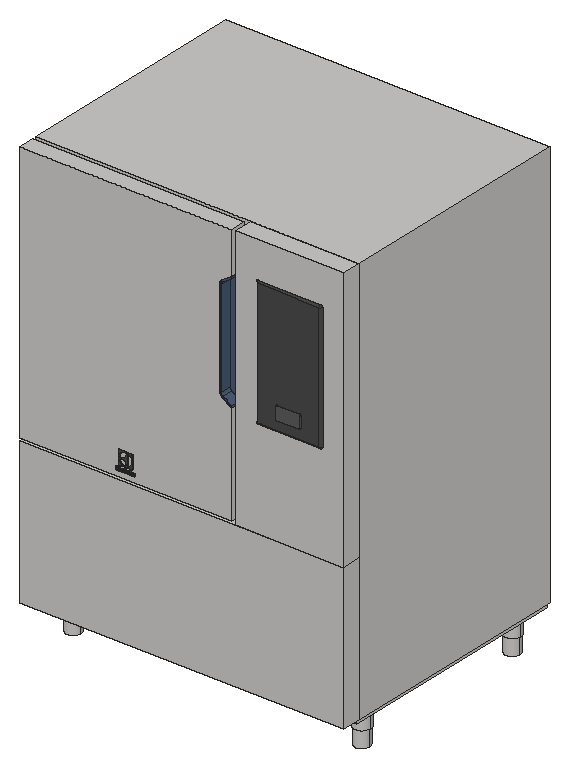
Revit family "QF_ELECTROLUXPROFESSIONAL_727739_EBFA12A", category Specialty Equipment, Revit 2018
Family settings
  Round Connector Dimension = Use Diameter
  Part Type = Normal
  Work Plane-Based = No
  Always vertical = Yes
  Cut with Voids When Loaded = No
  Shared = No
  Room Calculation Point = No
Parameters
  Weight = 0.00 kg
  Watts = 0 W
  Volts = 380 V
  URL Manufacturer = "http://professional.electrolux.com"
  URL = "http://professional.electrolux.com"
  Steam Supply Size = 0 mm
  Steam Supply Minimum Pressure = 0.0 Pa
  Steam Supply Maximum Pressure = 0.0 Pa
  Steam Pounds per Hour = 0
  Show Logo [instance] = yes
  Show Clearance [instance] = yes
  Refrigeration Suction Line Size = 0 mm
  Refrigeration Liquid Line Size = 0 mm
  Refrigerant Compressor Remote = yes
  Manufacturer = "Electrolux"
  Phase = 3
  Model = "EBFA12A"
  Length Actual = 1250 mm  # constant formula
  Item Number = "727739"
  Hot Water Size = 0 mm
  Height Actual = 1730 mm  # constant formula
  HP = "7 HP"
  Gas Size = 0 mm
  Gas KW = 0
  Gas Input Pressure = 0 W
  Direct Waste Size = 139.7 mm
  Description = "BLAST CHILL/FRE 70KG 10GN2/1-60HZ LW-USB"
  Depth Actual = 1092 mm  # constant formula
  Cycle = 60 Hz
  Condensate Return Size = 0 mm
  Compressed Air Volume = 0.0 L/s
  Compressed Air Size = 0 mm
  Compressed Air Pressure = 0.0 Pa
  Cold Water Size = 0 mm
  Accessory = yes
Reference planes
  plane 1 "Center X": y = 205.851
  plane 2: z = 0
  plane 3 "Center Y": x = -311.5
  plane 4 "BACK": y = 703.851
  plane 5 "FRONT": y = -292.149
  plane 6: z = 130
  plane 7 "TOP": z = 1730
  plane 8: y = 608.851
  plane 9: y = 795.851
  plane 10: y = -1071.149
  plane 11 "RIGHT": x = 313.5
  plane 12 "LEFT": x = -936.5
  plane 13: x = -869.5
  plane 14: x = 246.5
  plane 15: y = -118.149
Forms (mm)
  Extrusion 1, solid, material "QF_Finishes_Stainless Steel"
    sketch origin (0, 0, 1730) x (-1, 0, 0) y (0, -1, 0)
      loop
        line (936.5, -703.851) -> (936.5, 216.149) -> (-313.5, 216.149) -> (-313.5, -703.851) -> (936.5, -703.851)
    from 0 to -1580
  Extrusion 2, solid, material "QF_Finishes_Stainless Steel"
    sketch origin (-645.92, -0.954, 258.709) x (0, 1, 0) y (0, 0, 1)
      loop
        line (704.805, 694.306) -> (704.805, 392.314) -> (789.5, 399.789)
        arc (789.5, 399.789) -> (794.702, 402.354) -> (796.805, 407.759) r 8
        line (796.805, 407.759) -> (796.805, 433.233)
        arc (796.805, 433.233) -> (792.783, 442.547) -> (796.805, 451.86) r 12.795
        line (796.805, 451.86) -> (796.805, 483.24)
        arc (796.805, 483.24) -> (792.783, 492.554) -> (796.805, 501.867) r 12.795
        line (796.805, 501.867) -> (796.805, 533.247)
        arc (796.805, 533.247) -> (792.783, 542.56) -> (796.805, 551.874) r 12.795
        line (796.805, 551.874) -> (796.805, 583.254)
        arc (796.805, 583.254) -> (792.783, 592.567) -> (796.805, 601.881) r 12.795
        line (796.805, 601.881) -> (796.805, 634.796)
        arc (796.805, 634.796) -> (795.466, 639.795) -> (791.808, 643.455) r 10
        line (791.808, 643.455) -> (704.805, 694.306)
    from 618.187 to 801.865
  Extrusion 3, solid, material "QF_Finishes_Stainless Steel"
    sketch origin (-261.647, 703.851, 2065) x (1, 0, 0) y (0, 0, -1)
      loop
        circle (482.147, 1472) r 10.5
    from 0 to 29
  Extrusion 4, solid, material "QF_Finishes_Stainless Steel"
    sketch origin (-1206.916, -1524, 130) x (-1, 0, 0) y (0, -1, 0)
      loop
        line (-270.416, -1231.851) -> (-1520.416, -1231.851) -> (-1520.416, -1306.851) -> (-270.416, -1306.851) -> (-270.416, -1231.851)
    from 580 to 20.02
  Extrusion 5, solid, material "QF_Finishes_Stainless Steel"
    sketch origin (-1206.916, -1524, 130) x (-1, 0, 0) y (0, -1, 0)
      loop
        line (-279.416, -2227.851) -> (-279.416, -1309.851) -> (-1511.416, -1309.851) -> (-1511.416, -2227.851) -> (-279.416, -2227.851)
    from 20 to 0
  Extrusion 6, solid, material "QF_Finishes_Stainless Steel"
    sketch origin (-1206.916, -1524, 130) x (0, -1, 0) y (-1, 0, 0)
      loop
        circle (-1739.851, -840.416) r 9.5
    from 0 to 31.68
  Extrusion 7, void
    sketch origin (114.08, 0, 1730) x (-1, 0, 0) y (0, -1, 0)
      loop
        line (132.09, -795.851) -> (141.813, -795.851) -> (141.813, -703.851) -> (140.183, -703.851) -> (132.09, -795.851)
      loop
        line (-40.234, -703.851) -> (-41.865, -703.851) -> (-41.865, -795.851) -> (-32.141, -795.851) -> (-40.234, -703.851)
    from -1080 to -770
  Extrusion 8, solid, material "QF_Finishes_Stainless Steel"
    sketch origin (-623, -292.149, 0) x (1, 0, 0) y (0, 0, -1)
      loop
        line (504.7, -1730) -> (504.7, -1567.97) -> (468.447, -1543.888)
        arc (468.447, -1543.888) -> (462.216, -1537.041) -> (459.96, -1528.062) r 19
        line (459.96, -1528.062) -> (459.96, -1153.149)
        arc (459.96, -1153.149) -> (462.339, -1143.688) -> (468.91, -1136.479) r 20
        line (468.91, -1136.479) -> (504.7, -1112.756) -> (504.7, -719.524) -> (-313.5, -719.524) -> (-313.5, -1730) -> (504.7, -1730)
    from 0 to 60
  Extrusion 9, solid, material "QF_Finishes_Stainless Steel"
    sketch origin (-445.5, 0, 1060.038) x (1, 0, 0) y (0, 1, 0)
      loop
        line (759, -292.149) -> (759, -217.149) -> (342, -217.149) -> (342, -292.149) -> (759, -292.149)
    from 669.962 to -349
  Extrusion 10, solid, material "QF_Door-Drawer Clearances", visible <- "Show Clearance", detail levels coarse
    sketch origin (-623, 0, 1060.038) x (1, 0, 0) y (0, 1, 0)
      loop
        line (-260.5, -292.149) -> (-260.5, -1068.649)
        arc (-260.5, -1068.649) -> (276.158, -832.215) -> (504.7, -292.149) r 795
        line (504.7, -292.149) -> (-260.5, -292.149)
    from -340.514 to 669.962
  Extrusion 11, solid, material "QF_Finishes_Stainless Steel"
    sketch origin (-569.5, -232.149, 600.072) x (1, 0, 0) y (0, 0, -1)
      loop
        line (406.46, -553.076) -> (406.46, -927.989)
        arc (406.46, -927.989) -> (408.716, -936.969) -> (414.947, -943.816) r 19
        line (414.947, -943.816) -> (451.2, -967.898) -> (451.2, -512.683) -> (415.41, -536.406)
        arc (415.41, -536.406) -> (408.839, -543.616) -> (406.46, -553.076) r 20
    from -21 to 0
  Extrusion 12, solid, material "QF_Finishes_Electrolux_Blue"
    sketch origin (-569.5, -292.149, 600.072) x (-1, 0, 0) y (0, 0, -1)
      loop
        line (-451.2, -967.898) -> (-414.947, -943.816)
        arc (-414.947, -943.816) -> (-408.716, -936.969) -> (-406.46, -927.989) r 19
        line (-406.46, -927.989) -> (-406.46, -553.076)
        arc (-406.46, -553.076) -> (-408.839, -543.616) -> (-415.41, -536.406) r 20
        line (-415.41, -536.406) -> (-451.2, -512.683) -> (-453.7, -512.683) -> (-453.7, -518.824) -> (-419.001, -541.824)
        arc (-419.001, -541.824) -> (-414.566, -546.691) -> (-412.96, -553.076) r 13.5
        line (-412.96, -553.076) -> (-412.96, -927.989)
        arc (-412.96, -927.989) -> (-414.444, -933.897) -> (-418.543, -938.401) r 12.5
        line (-418.543, -938.401) -> (-453.7, -961.755) -> (-453.7, -967.898) -> (-451.2, -967.898)
    from -39 to 1
  Extrusion 13, void
    sketch origin (136, -219.149, 1731) x (1, 0, 0) y (0, 0, -1)
      loop
        line (-387.5, 75) -> (-387.5, 977) -> (-998.5, 977) -> (-998.5, 75) -> (-387.5, 75)
    from 0 to 705
  Extrusion 14, solid, material "QF_Door-Drawer Clearances", visible <- "Show Clearance", detail levels coarse
    sketch origin (-943.5, -326.949, 0) x (0, -1, 0) y (0, 0, -1)
      loop
        line (741.7, -1730) -> (741.7, -1567.97) -> (705.447, -1543.888)
        arc (705.447, -1543.888) -> (699.216, -1537.041) -> (696.96, -1528.062) r 19
        line (696.96, -1528.062) -> (696.96, -1153.149)
        arc (696.96, -1153.149) -> (699.339, -1143.688) -> (705.91, -1136.479) r 20
        line (705.91, -1136.479) -> (741.7, -1112.756) -> (741.7, -719.524) -> (-34.8, -719.524) -> (-34.8, -1730) -> (741.7, -1730)
    from 0 to 60
  Extrusion 15, solid, material "QF_Door-Drawer Clearances", visible <- "Show Clearance", detail levels coarse
    sketch origin (-883.5, -380.449, 600.072) x (0, -1, 0) y (0, 0, -1)
      loop
        line (643.46, -553.076) -> (643.46, -927.989)
        arc (643.46, -927.989) -> (645.716, -936.969) -> (651.947, -943.816) r 19
        line (651.947, -943.816) -> (688.2, -967.898) -> (688.2, -512.683) -> (652.41, -536.406)
        arc (652.41, -536.406) -> (645.839, -543.616) -> (643.46, -553.076) r 20
    from -21 to 0
  Extrusion 16, solid, material "QF_Door-Drawer Clearances", visible <- "Show Clearance", detail levels coarse
    sketch origin (-943.5, -380.449, 600.072) x (0, 1, 0) y (0, 0, -1)
      loop
        line (-688.2, -967.898) -> (-651.947, -943.816)
        arc (-651.947, -943.816) -> (-645.716, -936.969) -> (-643.46, -927.989) r 19
        line (-643.46, -927.989) -> (-643.46, -553.076)
        arc (-643.46, -553.076) -> (-645.839, -543.616) -> (-652.41, -536.406) r 20
        line (-652.41, -536.406) -> (-688.2, -512.683) -> (-690.7, -512.683) -> (-690.7, -518.824) -> (-656.001, -541.824)
        arc (-656.001, -541.824) -> (-651.566, -546.691) -> (-649.96, -553.076) r 13.5
        line (-649.96, -553.076) -> (-649.96, -927.989)
        arc (-649.96, -927.989) -> (-651.444, -933.897) -> (-655.543, -938.401) r 12.5
        line (-655.543, -938.401) -> (-690.7, -961.755) -> (-690.7, -967.898) -> (-688.2, -967.898)
    from -39 to 1
Cuts and joins
  Extrusion 13 cuts Extrusion 1
  Extrusion 7, Extrusion 13 cuts Extrusion 2
  Extrusion 13 cuts Extrusion 3
  Extrusion 13 cuts Extrusion 5
  Extrusion 13 cuts Extrusion 6
  joined: Extrusion 1, Extrusion 2, Extrusion 3, Extrusion 5, Extrusion 6
  joined: Extrusion 10, Extrusion 14, Extrusion 15, Extrusion 16
Lines and regions (mm)
  Split face 1
    outline origin (775.107, -292.149, -365.12) x (-1, 0, 0) y (0, 0, -1)
      loop
        line (491.638, -548.639) -> (601.654, -548.639) -> (601.654, -543.665) -> (491.638, -543.665) -> (491.638, -548.639)
  Split face 2
    outline origin (775.107, -292.149, -355.62) x (-1, 0, 0) y (0, 0, -1)
      loop
        line (491.638, -548.639) -> (601.654, -548.639) -> (601.654, -543.665) -> (491.638, -543.665) -> (491.638, -548.639)
  Split face 3
    outline origin (775.107, -292.149, -346.12) x (-1, 0, 0) y (0, 0, -1)
      loop
        line (491.638, -548.639) -> (601.654, -548.639) -> (601.654, -543.665) -> (491.638, -543.665) -> (491.638, -548.639)
  Split face 4
    outline origin (775.107, -292.149, -336.62) x (-1, 0, 0) y (0, 0, -1)
      loop
        line (491.638, -548.639) -> (601.654, -548.639) -> (601.654, -543.665) -> (491.638, -543.665) -> (491.638, -548.639)
  Split face 5
    outline origin (775.107, -292.149, -327.12) x (-1, 0, 0) y (0, 0, -1)
      loop
        line (491.638, -548.639) -> (601.654, -548.639) -> (601.654, -543.665) -> (491.638, -543.665) -> (491.638, -548.639)
  Split face 6
    outline origin (775.107, -292.149, -317.619) x (-1, 0, 0) y (0, 0, -1)
      loop
        line (491.638, -548.639) -> (601.654, -548.639) -> (601.654, -543.665) -> (491.638, -543.665) -> (491.638, -548.639)
  Split face 7
    outline origin (775.107, -292.149, -308.119) x (-1, 0, 0) y (0, 0, -1)
      loop
        line (491.638, -548.639) -> (601.654, -548.639) -> (601.654, -543.665) -> (491.638, -543.665) -> (491.638, -548.639)
  Split face 8
    outline origin (775.107, -292.149, -298.619) x (-1, 0, 0) y (0, 0, -1)
      loop
        line (491.638, -548.639) -> (601.654, -548.639) -> (601.654, -543.665) -> (491.638, -543.665) -> (491.638, -548.639)
  Split face 9
    outline origin (775.107, -292.149, -289.119) x (-1, 0, 0) y (0, 0, -1)
      loop
        line (491.638, -548.639) -> (601.654, -548.639) -> (601.654, -543.665) -> (491.638, -543.665) -> (491.638, -548.639)
  Split face 10
    outline origin (775.107, -292.149, -279.619) x (-1, 0, 0) y (0, 0, -1)
      loop
        line (491.638, -548.639) -> (601.654, -548.639) -> (601.654, -543.665) -> (491.638, -543.665) -> (491.638, -548.639)
  Split face 11
    outline origin (775.107, -292.149, -270.119) x (-1, 0, 0) y (0, 0, -1)
      loop
        line (491.638, -548.639) -> (601.654, -548.639) -> (601.654, -543.665) -> (491.638, -543.665) -> (491.638, -548.639)
  Split face 12
    outline origin (775.107, -292.149, -260.619) x (-1, 0, 0) y (0, 0, -1)
      loop
        line (491.638, -548.639) -> (601.654, -548.639) -> (601.654, -543.665) -> (491.638, -543.665) -> (491.638, -548.639)
  Split face 13
    outline origin (775.107, -292.149, -251.119) x (-1, 0, 0) y (0, 0, -1)
      loop
        line (491.638, -548.639) -> (601.654, -548.639) -> (601.654, -543.665) -> (491.638, -543.665) -> (491.638, -548.639)
  Split face 14
    outline origin (775.107, -292.149, -241.619) x (-1, 0, 0) y (0, 0, -1)
      loop
        line (491.638, -548.639) -> (601.654, -548.639) -> (601.654, -543.665) -> (491.638, -543.665) -> (491.638, -548.639)
  Split face 15
    outline origin (775.107, -292.149, -232.119) x (-1, 0, 0) y (0, 0, -1)
      loop
        line (491.638, -548.639) -> (601.654, -548.639) -> (601.654, -543.665) -> (491.638, -543.665) -> (491.638, -548.639)
  Split face 16
    outline origin (775.107, -292.149, -222.619) x (-1, 0, 0) y (0, 0, -1)
      loop
        line (491.638, -548.639) -> (601.654, -548.639) -> (601.654, -543.665) -> (491.638, -543.665) -> (491.638, -548.639)
  Split face 17
    outline origin (775.107, -292.149, -213.119) x (-1, 0, 0) y (0, 0, -1)
      loop
        line (491.638, -548.639) -> (601.654, -548.639) -> (601.654, -543.665) -> (491.638, -543.665) -> (491.638, -548.639)
  Split face 18
    outline origin (775.107, -292.149, -203.619) x (-1, 0, 0) y (0, 0, -1)
      loop
        line (491.638, -548.639) -> (601.654, -548.639) -> (601.654, -543.665) -> (491.638, -543.665) -> (491.638, -548.639)
  Split face 19
    outline origin (775.107, -292.149, -194.118) x (-1, 0, 0) y (0, 0, -1)
      loop
        line (491.638, -548.639) -> (601.654, -548.639) -> (601.654, -543.665) -> (491.638, -543.665) -> (491.638, -548.639)
  Split face 20
    outline origin (775.107, -292.149, -184.618) x (-1, 0, 0) y (0, 0, -1)
      loop
        line (491.638, -548.639) -> (601.654, -548.639) -> (601.654, -543.665) -> (491.638, -543.665) -> (491.638, -548.639)
  Split face 21
    outline origin (775.107, -292.149, -175.118) x (-1, 0, 0) y (0, 0, -1)
      loop
        line (491.638, -548.639) -> (601.654, -548.639) -> (601.654, -543.665) -> (491.638, -543.665) -> (491.638, -548.639)
  Split face 22
    outline origin (775.107, -292.149, -165.618) x (-1, 0, 0) y (0, 0, -1)
      loop
        line (491.638, -548.639) -> (601.654, -548.639) -> (601.654, -543.665) -> (491.638, -543.665) -> (491.638, -548.639)
  Split face 23
    outline origin (775.107, -292.149, -156.118) x (-1, 0, 0) y (0, 0, -1)
      loop
        line (491.638, -548.639) -> (601.654, -548.639) -> (601.654, -543.665) -> (491.638, -543.665) -> (491.638, -548.639)
  Split face 24
    outline origin (775.107, -292.149, -146.618) x (-1, 0, 0) y (0, 0, -1)
      loop
        line (491.638, -548.639) -> (601.654, -548.639) -> (601.654, -543.665) -> (491.638, -543.665) -> (491.638, -548.639)
  Split face 25
    outline origin (775.107, -292.149, -137.118) x (-1, 0, 0) y (0, 0, -1)
      loop
        line (491.638, -548.639) -> (601.654, -548.639) -> (601.654, -543.665) -> (491.638, -543.665) -> (491.638, -548.639)
  Split face 26
    outline origin (775.107, -292.149, -127.618) x (-1, 0, 0) y (0, 0, -1)
      loop
        line (491.638, -548.639) -> (601.654, -548.639) -> (601.654, -543.665) -> (491.638, -543.665) -> (491.638, -548.639)
  Split face 27
    outline origin (775.107, -292.149, -118.118) x (-1, 0, 0) y (0, 0, -1)
      loop
        line (491.638, -548.639) -> (601.654, -548.639) -> (601.654, -543.665) -> (491.638, -543.665) -> (491.638, -548.639)
  Split face 28
    outline origin (775.107, -292.149, -108.618) x (-1, 0, 0) y (0, 0, -1)
      loop
        line (491.638, -548.639) -> (601.654, -548.639) -> (601.654, -543.665) -> (491.638, -543.665) -> (491.638, -548.639)
  Split face 29
    outline origin (775.107, -292.149, -99.118) x (-1, 0, 0) y (0, 0, -1)
      loop
        line (491.638, -548.639) -> (601.654, -548.639) -> (601.654, -543.665) -> (491.638, -543.665) -> (491.638, -548.639)
  Split face 30
    outline origin (775.107, -292.149, -89.618) x (-1, 0, 0) y (0, 0, -1)
      loop
        line (491.638, -548.639) -> (601.654, -548.639) -> (601.654, -543.665) -> (491.638, -543.665) -> (491.638, -548.639)
  Split face 31
    outline origin (775.107, -292.149, -80.117) x (-1, 0, 0) y (0, 0, -1)
      loop
        line (491.638, -548.639) -> (601.654, -548.639) -> (601.654, -543.665) -> (491.638, -543.665) -> (491.638, -548.639)
  Split face 32
    outline origin (775.107, -292.149, -70.617) x (-1, 0, 0) y (0, 0, -1)
      loop
        line (491.638, -548.639) -> (601.654, -548.639) -> (601.654, -543.665) -> (491.638, -543.665) -> (491.638, -548.639)
  Split face 33
    outline origin (775.107, -292.149, -61.117) x (-1, 0, 0) y (0, 0, -1)
      loop
        line (491.638, -548.639) -> (601.654, -548.639) -> (601.654, -543.665) -> (491.638, -543.665) -> (491.638, -548.639)
  Split face 34
    outline origin (775.107, -292.149, -51.617) x (-1, 0, 0) y (0, 0, -1)
      loop
        line (491.638, -548.639) -> (601.654, -548.639) -> (601.654, -543.665) -> (491.638, -543.665) -> (491.638, -548.639)
  Split face 35
    outline origin (775.107, -292.149, -42.117) x (-1, 0, 0) y (0, 0, -1)
      loop
        line (491.638, -548.639) -> (601.654, -548.639) -> (601.654, -543.665) -> (491.638, -543.665) -> (491.638, -548.639)
  Split face 36
    outline origin (775.107, -292.149, -32.617) x (-1, 0, 0) y (0, 0, -1)
      loop
        line (491.638, -548.639) -> (601.654, -548.639) -> (601.654, -543.665) -> (491.638, -543.665) -> (491.638, -548.639)
  Split face 37
    outline origin (775.107, -292.149, -23.117) x (-1, 0, 0) y (0, 0, -1)
      loop
        line (491.638, -548.639) -> (601.654, -548.639) -> (601.654, -543.665) -> (491.638, -543.665) -> (491.638, -548.639)
  Split face 38
    outline origin (775.107, -292.149, -13.617) x (-1, 0, 0) y (0, 0, -1)
      loop
        line (491.638, -548.639) -> (601.654, -548.639) -> (601.654, -543.665) -> (491.638, -543.665) -> (491.638, -548.639)
  Split face 39
    outline origin (775.107, -292.149, -4.117) x (-1, 0, 0) y (0, 0, -1)
      loop
        line (491.638, -548.639) -> (601.654, -548.639) -> (601.654, -543.665) -> (491.638, -543.665) -> (491.638, -548.639)
  Split face 40
    outline origin (775.107, -292.149, 5.383) x (-1, 0, 0) y (0, 0, -1)
      loop
        line (491.638, -548.639) -> (601.654, -548.639) -> (601.654, -543.665) -> (491.638, -543.665) -> (491.638, -548.639)
  Split face 41
    outline origin (775.107, -292.149, 14.883) x (-1, 0, 0) y (0, 0, -1)
      loop
        line (491.638, -548.639) -> (601.654, -548.639) -> (601.654, -543.665) -> (491.638, -543.665) -> (491.638, -548.639)
  Split face 42
    outline origin (655.115, -292.149, -365.12) x (-1, 0, 0) y (0, 0, -1)
      loop
        line (491.638, -548.639) -> (601.654, -548.639) -> (601.654, -543.665) -> (491.638, -543.665) -> (491.638, -548.639)
  Split face 43
    outline origin (655.115, -292.149, -355.62) x (-1, 0, 0) y (0, 0, -1)
      loop
        line (491.638, -548.639) -> (601.654, -548.639) -> (601.654, -543.665) -> (491.638, -543.665) -> (491.638, -548.639)
  Split face 44
    outline origin (655.115, -292.149, -346.12) x (-1, 0, 0) y (0, 0, -1)
      loop
        line (491.638, -548.639) -> (601.654, -548.639) -> (601.654, -543.665) -> (491.638, -543.665) -> (491.638, -548.639)
  Split face 45
    outline origin (655.115, -292.149, -336.62) x (-1, 0, 0) y (0, 0, -1)
      loop
        line (491.638, -548.639) -> (601.654, -548.639) -> (601.654, -543.665) -> (491.638, -543.665) -> (491.638, -548.639)
  Split face 46
    outline origin (655.115, -292.149, -327.12) x (-1, 0, 0) y (0, 0, -1)
      loop
        line (491.638, -548.639) -> (601.654, -548.639) -> (601.654, -543.665) -> (491.638, -543.665) -> (491.638, -548.639)
  Split face 47
    outline origin (655.115, -292.149, -317.619) x (-1, 0, 0) y (0, 0, -1)
      loop
        line (491.638, -548.639) -> (601.654, -548.639) -> (601.654, -543.665) -> (491.638, -543.665) -> (491.638, -548.639)
  Split face 48
    outline origin (655.115, -292.149, -308.119) x (-1, 0, 0) y (0, 0, -1)
      loop
        line (491.638, -548.639) -> (601.654, -548.639) -> (601.654, -543.665) -> (491.638, -543.665) -> (491.638, -548.639)
  Split face 49
    outline origin (655.115, -292.149, -298.619) x (-1, 0, 0) y (0, 0, -1)
      loop
        line (491.638, -548.639) -> (601.654, -548.639) -> (601.654, -543.665) -> (491.638, -543.665) -> (491.638, -548.639)
  Split face 50
    outline origin (655.115, -292.149, -289.119) x (-1, 0, 0) y (0, 0, -1)
      loop
        line (491.638, -548.639) -> (601.654, -548.639) -> (601.654, -543.665) -> (491.638, -543.665) -> (491.638, -548.639)
  Split face 51
    outline origin (655.115, -292.149, -279.619) x (-1, 0, 0) y (0, 0, -1)
      loop
        line (491.638, -548.639) -> (601.654, -548.639) -> (601.654, -543.665) -> (491.638, -543.665) -> (491.638, -548.639)
  Split face 52
    outline origin (655.115, -292.149, -270.119) x (-1, 0, 0) y (0, 0, -1)
      loop
        line (491.638, -548.639) -> (601.654, -548.639) -> (601.654, -543.665) -> (491.638, -543.665) -> (491.638, -548.639)
  Split face 53
    outline origin (655.115, -292.149, -260.619) x (-1, 0, 0) y (0, 0, -1)
      loop
        line (491.638, -548.639) -> (601.654, -548.639) -> (601.654, -543.665) -> (491.638, -543.665) -> (491.638, -548.639)
  Split face 54
    outline origin (655.115, -292.149, -251.119) x (-1, 0, 0) y (0, 0, -1)
      loop
        line (491.638, -548.639) -> (601.654, -548.639) -> (601.654, -543.665) -> (491.638, -543.665) -> (491.638, -548.639)
  Split face 55
    outline origin (655.115, -292.149, -241.619) x (-1, 0, 0) y (0, 0, -1)
      loop
        line (491.638, -548.639) -> (601.654, -548.639) -> (601.654, -543.665) -> (491.638, -543.665) -> (491.638, -548.639)
  Split face 56
    outline origin (655.115, -292.149, -232.119) x (-1, 0, 0) y (0, 0, -1)
      loop
        line (491.638, -548.639) -> (601.654, -548.639) -> (601.654, -543.665) -> (491.638, -543.665) -> (491.638, -548.639)
  Split face 57
    outline origin (655.115, -292.149, -222.619) x (-1, 0, 0) y (0, 0, -1)
      loop
        line (491.638, -548.639) -> (601.654, -548.639) -> (601.654, -543.665) -> (491.638, -543.665) -> (491.638, -548.639)
  Split face 58
    outline origin (655.115, -292.149, -213.119) x (-1, 0, 0) y (0, 0, -1)
      loop
        line (491.638, -548.639) -> (601.654, -548.639) -> (601.654, -543.665) -> (491.638, -543.665) -> (491.638, -548.639)
  Split face 59
    outline origin (655.115, -292.149, -203.619) x (-1, 0, 0) y (0, 0, -1)
      loop
        line (491.638, -548.639) -> (601.654, -548.639) -> (601.654, -543.665) -> (491.638, -543.665) -> (491.638, -548.639)
  Split face 60
    outline origin (655.115, -292.149, -194.118) x (-1, 0, 0) y (0, 0, -1)
      loop
        line (491.638, -548.639) -> (601.654, -548.639) -> (601.654, -543.665) -> (491.638, -543.665) -> (491.638, -548.639)
  Split face 61
    outline origin (655.115, -292.149, -184.618) x (-1, 0, 0) y (0, 0, -1)
      loop
        line (491.638, -548.639) -> (601.654, -548.639) -> (601.654, -543.665) -> (491.638, -543.665) -> (491.638, -548.639)
  Split face 62
    outline origin (655.115, -292.149, -175.118) x (-1, 0, 0) y (0, 0, -1)
      loop
        line (491.638, -548.639) -> (601.654, -548.639) -> (601.654, -543.665) -> (491.638, -543.665) -> (491.638, -548.639)
  Split face 63
    outline origin (655.115, -292.149, -165.618) x (-1, 0, 0) y (0, 0, -1)
      loop
        line (491.638, -548.639) -> (601.654, -548.639) -> (601.654, -543.665) -> (491.638, -543.665) -> (491.638, -548.639)
  Split face 64
    outline origin (655.115, -292.149, -156.118) x (-1, 0, 0) y (0, 0, -1)
      loop
        line (491.638, -548.639) -> (601.654, -548.639) -> (601.654, -543.665) -> (491.638, -543.665) -> (491.638, -548.639)
  Split face 65
    outline origin (655.115, -292.149, -146.618) x (-1, 0, 0) y (0, 0, -1)
      loop
        line (491.638, -548.639) -> (601.654, -548.639) -> (601.654, -543.665) -> (491.638, -543.665) -> (491.638, -548.639)
  Split face 66
    outline origin (655.115, -292.149, -137.118) x (-1, 0, 0) y (0, 0, -1)
      loop
        line (491.638, -548.639) -> (601.654, -548.639) -> (601.654, -543.665) -> (491.638, -543.665) -> (491.638, -548.639)
  Split face 67
    outline origin (655.115, -292.149, -127.618) x (-1, 0, 0) y (0, 0, -1)
      loop
        line (491.638, -548.639) -> (601.654, -548.639) -> (601.654, -543.665) -> (491.638, -543.665) -> (491.638, -548.639)
  Split face 68
    outline origin (655.115, -292.149, -118.118) x (-1, 0, 0) y (0, 0, -1)
      loop
        line (491.638, -548.639) -> (601.654, -548.639) -> (601.654, -543.665) -> (491.638, -543.665) -> (491.638, -548.639)
  Split face 69
    outline origin (655.115, -292.149, -108.618) x (-1, 0, 0) y (0, 0, -1)
      loop
        line (491.638, -548.639) -> (601.654, -548.639) -> (601.654, -543.665) -> (491.638, -543.665) -> (491.638, -548.639)
  Split face 70
    outline origin (655.115, -292.149, -99.118) x (-1, 0, 0) y (0, 0, -1)
      loop
        line (491.638, -548.639) -> (601.654, -548.639) -> (601.654, -543.665) -> (491.638, -543.665) -> (491.638, -548.639)
  Split face 71
    outline origin (655.115, -292.149, -89.618) x (-1, 0, 0) y (0, 0, -1)
      loop
        line (491.638, -548.639) -> (601.654, -548.639) -> (601.654, -543.665) -> (491.638, -543.665) -> (491.638, -548.639)
  Split face 72
    outline origin (655.115, -292.149, -80.117) x (-1, 0, 0) y (0, 0, -1)
      loop
        line (491.638, -548.639) -> (601.654, -548.639) -> (601.654, -543.665) -> (491.638, -543.665) -> (491.638, -548.639)
  Split face 73
    outline origin (655.115, -292.149, -70.617) x (-1, 0, 0) y (0, 0, -1)
      loop
        line (491.638, -548.639) -> (601.654, -548.639) -> (601.654, -543.665) -> (491.638, -543.665) -> (491.638, -548.639)
  Split face 74
    outline origin (655.115, -292.149, -61.117) x (-1, 0, 0) y (0, 0, -1)
      loop
        line (491.638, -548.639) -> (601.654, -548.639) -> (601.654, -543.665) -> (491.638, -543.665) -> (491.638, -548.639)
  Split face 75
    outline origin (655.115, -292.149, -51.617) x (-1, 0, 0) y (0, 0, -1)
      loop
        line (491.638, -548.639) -> (601.654, -548.639) -> (601.654, -543.665) -> (491.638, -543.665) -> (491.638, -548.639)
  Split face 76
    outline origin (655.115, -292.149, -42.117) x (-1, 0, 0) y (0, 0, -1)
      loop
        line (491.638, -548.639) -> (601.654, -548.639) -> (601.654, -543.665) -> (491.638, -543.665) -> (491.638, -548.639)
  Split face 77
    outline origin (655.115, -292.149, -32.617) x (-1, 0, 0) y (0, 0, -1)
      loop
        line (491.638, -548.639) -> (601.654, -548.639) -> (601.654, -543.665) -> (491.638, -543.665) -> (491.638, -548.639)
  Split face 78
    outline origin (655.115, -292.149, -23.117) x (-1, 0, 0) y (0, 0, -1)
      loop
        line (491.638, -548.639) -> (601.654, -548.639) -> (601.654, -543.665) -> (491.638, -543.665) -> (491.638, -548.639)
  Split face 79
    outline origin (655.115, -292.149, -13.617) x (-1, 0, 0) y (0, 0, -1)
      loop
        line (491.638, -548.639) -> (601.654, -548.639) -> (601.654, -543.665) -> (491.638, -543.665) -> (491.638, -548.639)
  Split face 80
    outline origin (655.115, -292.149, -4.117) x (-1, 0, 0) y (0, 0, -1)
      loop
        line (491.638, -548.639) -> (601.654, -548.639) -> (601.654, -543.665) -> (491.638, -543.665) -> (491.638, -548.639)
  Split face 81
    outline origin (655.115, -292.149, 5.383) x (-1, 0, 0) y (0, 0, -1)
      loop
        line (491.638, -548.639) -> (601.654, -548.639) -> (601.654, -543.665) -> (491.638, -543.665) -> (491.638, -548.639)
  Split face 82
    outline origin (655.115, -292.149, 14.883) x (-1, 0, 0) y (0, 0, -1)
      loop
        line (491.638, -548.639) -> (601.654, -548.639) -> (601.654, -543.665) -> (491.638, -543.665) -> (491.638, -548.639)
  Split face 83
    outline origin (535.124, -292.149, -365.12) x (-1, 0, 0) y (0, 0, -1)
      loop
        line (491.638, -548.639) -> (601.654, -548.639) -> (601.654, -543.665) -> (491.638, -543.665) -> (491.638, -548.639)
  Split face 84
    outline origin (535.124, -292.149, -355.62) x (-1, 0, 0) y (0, 0, -1)
      loop
        line (491.638, -548.639) -> (601.654, -548.639) -> (601.654, -543.665) -> (491.638, -543.665) -> (491.638, -548.639)
  Split face 85
    outline origin (535.124, -292.149, -346.12) x (-1, 0, 0) y (0, 0, -1)
      loop
        line (491.638, -548.639) -> (601.654, -548.639) -> (601.654, -543.665) -> (491.638, -543.665) -> (491.638, -548.639)
  Split face 86
    outline origin (535.124, -292.149, -336.62) x (-1, 0, 0) y (0, 0, -1)
      loop
        line (491.638, -548.639) -> (601.654, -548.639) -> (601.654, -543.665) -> (491.638, -543.665) -> (491.638, -548.639)
  Split face 87
    outline origin (535.124, -292.149, -327.12) x (-1, 0, 0) y (0, 0, -1)
      loop
        line (491.638, -548.639) -> (601.654, -548.639) -> (601.654, -543.665) -> (491.638, -543.665) -> (491.638, -548.639)
  Split face 88
    outline origin (535.124, -292.149, -317.619) x (-1, 0, 0) y (0, 0, -1)
      loop
        line (491.638, -548.639) -> (601.654, -548.639) -> (601.654, -543.665) -> (491.638, -543.665) -> (491.638, -548.639)
  Split face 89
    outline origin (535.124, -292.149, -308.119) x (-1, 0, 0) y (0, 0, -1)
      loop
        line (491.638, -548.639) -> (601.654, -548.639) -> (601.654, -543.665) -> (491.638, -543.665) -> (491.638, -548.639)
  Split face 90
    outline origin (535.124, -292.149, -298.619) x (-1, 0, 0) y (0, 0, -1)
      loop
        line (491.638, -548.639) -> (601.654, -548.639) -> (601.654, -543.665) -> (491.638, -543.665) -> (491.638, -548.639)
  Split face 91
    outline origin (535.124, -292.149, -289.119) x (-1, 0, 0) y (0, 0, -1)
      loop
        line (491.638, -548.639) -> (601.654, -548.639) -> (601.654, -543.665) -> (491.638, -543.665) -> (491.638, -548.639)
  Split face 92
    outline origin (535.124, -292.149, -279.619) x (-1, 0, 0) y (0, 0, -1)
      loop
        line (491.638, -548.639) -> (601.654, -548.639) -> (601.654, -543.665) -> (491.638, -543.665) -> (491.638, -548.639)
  Split face 93
    outline origin (535.124, -292.149, -270.119) x (-1, 0, 0) y (0, 0, -1)
      loop
        line (491.638, -548.639) -> (601.654, -548.639) -> (601.654, -543.665) -> (491.638, -543.665) -> (491.638, -548.639)
  Split face 94
    outline origin (535.124, -292.149, -260.619) x (-1, 0, 0) y (0, 0, -1)
      loop
        line (491.638, -548.639) -> (601.654, -548.639) -> (601.654, -543.665) -> (491.638, -543.665) -> (491.638, -548.639)
  Split face 95
    outline origin (535.124, -292.149, -251.119) x (-1, 0, 0) y (0, 0, -1)
      loop
        line (491.638, -548.639) -> (601.654, -548.639) -> (601.654, -543.665) -> (491.638, -543.665) -> (491.638, -548.639)
  Split face 96
    outline origin (535.124, -292.149, -241.619) x (-1, 0, 0) y (0, 0, -1)
      loop
        line (491.638, -548.639) -> (601.654, -548.639) -> (601.654, -543.665) -> (491.638, -543.665) -> (491.638, -548.639)
  Split face 97
    outline origin (535.124, -292.149, -232.119) x (-1, 0, 0) y (0, 0, -1)
      loop
        line (491.638, -548.639) -> (601.654, -548.639) -> (601.654, -543.665) -> (491.638, -543.665) -> (491.638, -548.639)
  Split face 98
    outline origin (535.124, -292.149, -222.619) x (-1, 0, 0) y (0, 0, -1)
      loop
        line (491.638, -548.639) -> (601.654, -548.639) -> (601.654, -543.665) -> (491.638, -543.665) -> (491.638, -548.639)
  Split face 99
    outline origin (535.124, -292.149, -213.119) x (-1, 0, 0) y (0, 0, -1)
      loop
        line (491.638, -548.639) -> (601.654, -548.639) -> (601.654, -543.665) -> (491.638, -543.665) -> (491.638, -548.639)
  Split face 100
    outline origin (535.124, -292.149, -203.619) x (-1, 0, 0) y (0, 0, -1)
      loop
        line (491.638, -548.639) -> (601.654, -548.639) -> (601.654, -543.665) -> (491.638, -543.665) -> (491.638, -548.639)
  Split face 101
    outline origin (535.124, -292.149, -194.118) x (-1, 0, 0) y (0, 0, -1)
      loop
        line (491.638, -548.639) -> (601.654, -548.639) -> (601.654, -543.665) -> (491.638, -543.665) -> (491.638, -548.639)
  Split face 102
    outline origin (535.124, -292.149, -184.618) x (-1, 0, 0) y (0, 0, -1)
      loop
        line (491.638, -548.639) -> (601.654, -548.639) -> (601.654, -543.665) -> (491.638, -543.665) -> (491.638, -548.639)
  Split face 103
    outline origin (535.124, -292.149, -175.118) x (-1, 0, 0) y (0, 0, -1)
      loop
        line (491.638, -548.639) -> (601.654, -548.639) -> (601.654, -543.665) -> (491.638, -543.665) -> (491.638, -548.639)
  Split face 104
    outline origin (535.124, -292.149, -165.618) x (-1, 0, 0) y (0, 0, -1)
      loop
        line (491.638, -548.639) -> (601.654, -548.639) -> (601.654, -543.665) -> (491.638, -543.665) -> (491.638, -548.639)
  Split face 105
    outline origin (535.124, -292.149, -156.118) x (-1, 0, 0) y (0, 0, -1)
      loop
        line (491.638, -548.639) -> (601.654, -548.639) -> (601.654, -543.665) -> (491.638, -543.665) -> (491.638, -548.639)
  Split face 106
    outline origin (535.124, -292.149, -146.618) x (-1, 0, 0) y (0, 0, -1)
      loop
        line (491.638, -548.639) -> (601.654, -548.639) -> (601.654, -543.665) -> (491.638, -543.665) -> (491.638, -548.639)
  Split face 107
    outline origin (535.124, -292.149, -137.118) x (-1, 0, 0) y (0, 0, -1)
      loop
        line (491.638, -548.639) -> (601.654, -548.639) -> (601.654, -543.665) -> (491.638, -543.665) -> (491.638, -548.639)
  Split face 108
    outline origin (535.124, -292.149, -127.618) x (-1, 0, 0) y (0, 0, -1)
      loop
        line (491.638, -548.639) -> (601.654, -548.639) -> (601.654, -543.665) -> (491.638, -543.665) -> (491.638, -548.639)
  Split face 109
    outline origin (535.124, -292.149, -118.118) x (-1, 0, 0) y (0, 0, -1)
      loop
        line (491.638, -548.639) -> (601.654, -548.639) -> (601.654, -543.665) -> (491.638, -543.665) -> (491.638, -548.639)
  Split face 110
    outline origin (535.124, -292.149, -108.618) x (-1, 0, 0) y (0, 0, -1)
      loop
        line (491.638, -548.639) -> (601.654, -548.639) -> (601.654, -543.665) -> (491.638, -543.665) -> (491.638, -548.639)
  Split face 111
    outline origin (535.124, -292.149, -99.118) x (-1, 0, 0) y (0, 0, -1)
      loop
        line (491.638, -548.639) -> (601.654, -548.639) -> (601.654, -543.665) -> (491.638, -543.665) -> (491.638, -548.639)
  Split face 112
    outline origin (535.124, -292.149, -89.618) x (-1, 0, 0) y (0, 0, -1)
      loop
        line (491.638, -548.639) -> (601.654, -548.639) -> (601.654, -543.665) -> (491.638, -543.665) -> (491.638, -548.639)
  Split face 113
    outline origin (535.124, -292.149, -80.117) x (-1, 0, 0) y (0, 0, -1)
      loop
        line (491.638, -548.639) -> (601.654, -548.639) -> (601.654, -543.665) -> (491.638, -543.665) -> (491.638, -548.639)
  Split face 114
    outline origin (535.124, -292.149, -70.617) x (-1, 0, 0) y (0, 0, -1)
      loop
        line (491.638, -548.639) -> (601.654, -548.639) -> (601.654, -543.665) -> (491.638, -543.665) -> (491.638, -548.639)
  Split face 115
    outline origin (535.124, -292.149, -61.117) x (-1, 0, 0) y (0, 0, -1)
      loop
        line (491.638, -548.639) -> (601.654, -548.639) -> (601.654, -543.665) -> (491.638, -543.665) -> (491.638, -548.639)
  Split face 116
    outline origin (535.124, -292.149, -51.617) x (-1, 0, 0) y (0, 0, -1)
      loop
        line (491.638, -548.639) -> (601.654, -548.639) -> (601.654, -543.665) -> (491.638, -543.665) -> (491.638, -548.639)
  Split face 117
    outline origin (535.124, -292.149, -42.117) x (-1, 0, 0) y (0, 0, -1)
      loop
        line (491.638, -548.639) -> (601.654, -548.639) -> (601.654, -543.665) -> (491.638, -543.665) -> (491.638, -548.639)
  Split face 118
    outline origin (535.124, -292.149, -32.617) x (-1, 0, 0) y (0, 0, -1)
      loop
        line (491.638, -548.639) -> (601.654, -548.639) -> (601.654, -543.665) -> (491.638, -543.665) -> (491.638, -548.639)
  Split face 119
    outline origin (535.124, -292.149, -23.117) x (-1, 0, 0) y (0, 0, -1)
      loop
        line (491.638, -548.639) -> (601.654, -548.639) -> (601.654, -543.665) -> (491.638, -543.665) -> (491.638, -548.639)
  Split face 120
    outline origin (535.124, -292.149, -13.617) x (-1, 0, 0) y (0, 0, -1)
      loop
        line (491.638, -548.639) -> (601.654, -548.639) -> (601.654, -543.665) -> (491.638, -543.665) -> (491.638, -548.639)
  Split face 121
    outline origin (535.124, -292.149, -4.117) x (-1, 0, 0) y (0, 0, -1)
      loop
        line (491.638, -548.639) -> (601.654, -548.639) -> (601.654, -543.665) -> (491.638, -543.665) -> (491.638, -548.639)
  Split face 122
    outline origin (535.124, -292.149, 5.383) x (-1, 0, 0) y (0, 0, -1)
      loop
        line (491.638, -548.639) -> (601.654, -548.639) -> (601.654, -543.665) -> (491.638, -543.665) -> (491.638, -548.639)
  Split face 123
    outline origin (535.124, -292.149, 14.883) x (-1, 0, 0) y (0, 0, -1)
      loop
        line (491.638, -548.639) -> (601.654, -548.639) -> (601.654, -543.665) -> (491.638, -543.665) -> (491.638, -548.639)
  Split face 124
    outline origin (415.133, -292.149, -365.12) x (-1, 0, 0) y (0, 0, -1)
      loop
        line (491.638, -548.639) -> (601.654, -548.639) -> (601.654, -543.665) -> (491.638, -543.665) -> (491.638, -548.639)
  Split face 125
    outline origin (415.133, -292.149, -355.62) x (-1, 0, 0) y (0, 0, -1)
      loop
        line (491.638, -548.639) -> (601.654, -548.639) -> (601.654, -543.665) -> (491.638, -543.665) -> (491.638, -548.639)
  Split face 126
    outline origin (415.133, -292.149, -346.12) x (-1, 0, 0) y (0, 0, -1)
      loop
        line (491.638, -548.639) -> (601.654, -548.639) -> (601.654, -543.665) -> (491.638, -543.665) -> (491.638, -548.639)
  Split face 127
    outline origin (415.133, -292.149, -336.62) x (-1, 0, 0) y (0, 0, -1)
      loop
        line (491.638, -548.639) -> (601.654, -548.639) -> (601.654, -543.665) -> (491.638, -543.665) -> (491.638, -548.639)
  Split face 128
    outline origin (415.133, -292.149, -327.12) x (-1, 0, 0) y (0, 0, -1)
      loop
        line (491.638, -548.639) -> (601.654, -548.639) -> (601.654, -543.665) -> (491.638, -543.665) -> (491.638, -548.639)
  Split face 129
    outline origin (415.133, -292.149, -317.619) x (-1, 0, 0) y (0, 0, -1)
      loop
        line (491.638, -548.639) -> (601.654, -548.639) -> (601.654, -543.665) -> (491.638, -543.665) -> (491.638, -548.639)
  Split face 130
    outline origin (415.133, -292.149, -308.119) x (-1, 0, 0) y (0, 0, -1)
      loop
        line (491.638, -548.639) -> (601.654, -548.639) -> (601.654, -543.665) -> (491.638, -543.665) -> (491.638, -548.639)
  Split face 131
    outline origin (415.133, -292.149, -298.619) x (-1, 0, 0) y (0, 0, -1)
      loop
        line (491.638, -548.639) -> (601.654, -548.639) -> (601.654, -543.665) -> (491.638, -543.665) -> (491.638, -548.639)
  Split face 132
    outline origin (415.133, -292.149, -289.119) x (-1, 0, 0) y (0, 0, -1)
      loop
        line (491.638, -548.639) -> (601.654, -548.639) -> (601.654, -543.665) -> (491.638, -543.665) -> (491.638, -548.639)
  Split face 133
    outline origin (415.133, -292.149, -279.619) x (-1, 0, 0) y (0, 0, -1)
      loop
        line (491.638, -548.639) -> (601.654, -548.639) -> (601.654, -543.665) -> (491.638, -543.665) -> (491.638, -548.639)
  Split face 134
    outline origin (415.133, -292.149, -270.119) x (-1, 0, 0) y (0, 0, -1)
      loop
        line (491.638, -548.639) -> (601.654, -548.639) -> (601.654, -543.665) -> (491.638, -543.665) -> (491.638, -548.639)
  Split face 135
    outline origin (415.133, -292.149, -260.619) x (-1, 0, 0) y (0, 0, -1)
      loop
        line (491.638, -548.639) -> (601.654, -548.639) -> (601.654, -543.665) -> (491.638, -543.665) -> (491.638, -548.639)
  Split face 136
    outline origin (415.133, -292.149, -251.119) x (-1, 0, 0) y (0, 0, -1)
      loop
        line (491.638, -548.639) -> (601.654, -548.639) -> (601.654, -543.665) -> (491.638, -543.665) -> (491.638, -548.639)
  Split face 137
    outline origin (415.133, -292.149, -241.619) x (-1, 0, 0) y (0, 0, -1)
      loop
        line (491.638, -548.639) -> (601.654, -548.639) -> (601.654, -543.665) -> (491.638, -543.665) -> (491.638, -548.639)
  Split face 138
    outline origin (415.133, -292.149, -232.119) x (-1, 0, 0) y (0, 0, -1)
      loop
        line (491.638, -548.639) -> (601.654, -548.639) -> (601.654, -543.665) -> (491.638, -543.665) -> (491.638, -548.639)
  Split face 139
    outline origin (415.133, -292.149, -222.619) x (-1, 0, 0) y (0, 0, -1)
      loop
        line (491.638, -548.639) -> (601.654, -548.639) -> (601.654, -543.665) -> (491.638, -543.665) -> (491.638, -548.639)
  Split face 140
    outline origin (415.133, -292.149, -213.119) x (-1, 0, 0) y (0, 0, -1)
      loop
        line (491.638, -548.639) -> (601.654, -548.639) -> (601.654, -543.665) -> (491.638, -543.665) -> (491.638, -548.639)
  Split face 141
    outline origin (415.133, -292.149, -203.619) x (-1, 0, 0) y (0, 0, -1)
      loop
        line (491.638, -548.639) -> (601.654, -548.639) -> (601.654, -543.665) -> (491.638, -543.665) -> (491.638, -548.639)
  Split face 142
    outline origin (415.133, -292.149, -194.118) x (-1, 0, 0) y (0, 0, -1)
      loop
        line (491.638, -548.639) -> (601.654, -548.639) -> (601.654, -543.665) -> (491.638, -543.665) -> (491.638, -548.639)
  Split face 143
    outline origin (415.133, -292.149, -184.618) x (-1, 0, 0) y (0, 0, -1)
      loop
        line (491.638, -548.639) -> (601.654, -548.639) -> (601.654, -543.665) -> (491.638, -543.665) -> (491.638, -548.639)
  Split face 144
    outline origin (415.133, -292.149, -175.118) x (-1, 0, 0) y (0, 0, -1)
      loop
        line (491.638, -548.639) -> (601.654, -548.639) -> (601.654, -543.665) -> (491.638, -543.665) -> (491.638, -548.639)
  Split face 145
    outline origin (415.133, -292.149, -165.618) x (-1, 0, 0) y (0, 0, -1)
      loop
        line (491.638, -548.639) -> (601.654, -548.639) -> (601.654, -543.665) -> (491.638, -543.665) -> (491.638, -548.639)
  Split face 146
    outline origin (415.133, -292.149, -156.118) x (-1, 0, 0) y (0, 0, -1)
      loop
        line (491.638, -548.639) -> (601.654, -548.639) -> (601.654, -543.665) -> (491.638, -543.665) -> (491.638, -548.639)
  Split face 147
    outline origin (415.133, -292.149, -146.618) x (-1, 0, 0) y (0, 0, -1)
      loop
        line (491.638, -548.639) -> (601.654, -548.639) -> (601.654, -543.665) -> (491.638, -543.665) -> (491.638, -548.639)
  Split face 148
    outline origin (415.133, -292.149, -137.118) x (-1, 0, 0) y (0, 0, -1)
      loop
        line (491.638, -548.639) -> (601.654, -548.639) -> (601.654, -543.665) -> (491.638, -543.665) -> (491.638, -548.639)
  Split face 149
    outline origin (415.133, -292.149, -127.618) x (-1, 0, 0) y (0, 0, -1)
      loop
        line (491.638, -548.639) -> (601.654, -548.639) -> (601.654, -543.665) -> (491.638, -543.665) -> (491.638, -548.639)
  Split face 150
    outline origin (415.133, -292.149, -118.118) x (-1, 0, 0) y (0, 0, -1)
      loop
        line (491.638, -548.639) -> (601.654, -548.639) -> (601.654, -543.665) -> (491.638, -543.665) -> (491.638, -548.639)
  Split face 151
    outline origin (415.133, -292.149, -108.618) x (-1, 0, 0) y (0, 0, -1)
      loop
        line (491.638, -548.639) -> (601.654, -548.639) -> (601.654, -543.665) -> (491.638, -543.665) -> (491.638, -548.639)
  Split face 152
    outline origin (415.133, -292.149, -99.118) x (-1, 0, 0) y (0, 0, -1)
      loop
        line (491.638, -548.639) -> (601.654, -548.639) -> (601.654, -543.665) -> (491.638, -543.665) -> (491.638, -548.639)
  Split face 153
    outline origin (415.133, -292.149, -89.618) x (-1, 0, 0) y (0, 0, -1)
      loop
        line (491.638, -548.639) -> (601.654, -548.639) -> (601.654, -543.665) -> (491.638, -543.665) -> (491.638, -548.639)
  Split face 154
    outline origin (415.133, -292.149, -80.117) x (-1, 0, 0) y (0, 0, -1)
      loop
        line (491.638, -548.639) -> (601.654, -548.639) -> (601.654, -543.665) -> (491.638, -543.665) -> (491.638, -548.639)
  Split face 155
    outline origin (415.133, -292.149, -70.617) x (-1, 0, 0) y (0, 0, -1)
      loop
        line (491.638, -548.639) -> (601.654, -548.639) -> (601.654, -543.665) -> (491.638, -543.665) -> (491.638, -548.639)
  Split face 156
    outline origin (415.133, -292.149, -61.117) x (-1, 0, 0) y (0, 0, -1)
      loop
        line (491.638, -548.639) -> (601.654, -548.639) -> (601.654, -543.665) -> (491.638, -543.665) -> (491.638, -548.639)
  Split face 157
    outline origin (415.133, -292.149, -51.617) x (-1, 0, 0) y (0, 0, -1)
      loop
        line (491.638, -548.639) -> (601.654, -548.639) -> (601.654, -543.665) -> (491.638, -543.665) -> (491.638, -548.639)
  Split face 158
    outline origin (415.133, -292.149, -42.117) x (-1, 0, 0) y (0, 0, -1)
      loop
        line (491.638, -548.639) -> (601.654, -548.639) -> (601.654, -543.665) -> (491.638, -543.665) -> (491.638, -548.639)
  Split face 159
    outline origin (415.133, -292.149, -32.617) x (-1, 0, 0) y (0, 0, -1)
      loop
        line (491.638, -548.639) -> (601.654, -548.639) -> (601.654, -543.665) -> (491.638, -543.665) -> (491.638, -548.639)
  Split face 160
    outline origin (415.133, -292.149, -23.117) x (-1, 0, 0) y (0, 0, -1)
      loop
        line (491.638, -548.639) -> (601.654, -548.639) -> (601.654, -543.665) -> (491.638, -543.665) -> (491.638, -548.639)
  Split face 161
    outline origin (415.133, -292.149, -13.617) x (-1, 0, 0) y (0, 0, -1)
      loop
        line (491.638, -548.639) -> (601.654, -548.639) -> (601.654, -543.665) -> (491.638, -543.665) -> (491.638, -548.639)
  Split face 162
    outline origin (415.133, -292.149, -4.117) x (-1, 0, 0) y (0, 0, -1)
      loop
        line (491.638, -548.639) -> (601.654, -548.639) -> (601.654, -543.665) -> (491.638, -543.665) -> (491.638, -548.639)
  Split face 163
    outline origin (415.133, -292.149, 5.383) x (-1, 0, 0) y (0, 0, -1)
      loop
        line (491.638, -548.639) -> (601.654, -548.639) -> (601.654, -543.665) -> (491.638, -543.665) -> (491.638, -548.639)
  Split face 164
    outline origin (415.133, -292.149, 14.883) x (-1, 0, 0) y (0, 0, -1)
      loop
        line (491.638, -548.639) -> (601.654, -548.639) -> (601.654, -543.665) -> (491.638, -543.665) -> (491.638, -548.639)
  Split face 165
    outline origin (290.168, -292.149, -365.12) x (-1, 0, 0) y (0, 0, -1)
      loop
        line (846.638, -548.639) -> (956.654, -548.639) -> (956.654, -543.665) -> (846.638, -543.665) -> (846.638, -548.639)
  Split face 166
    outline origin (290.168, -292.149, -355.62) x (-1, 0, 0) y (0, 0, -1)
      loop
        line (846.638, -548.639) -> (956.654, -548.639) -> (956.654, -543.665) -> (846.638, -543.665) -> (846.638, -548.639)
  Split face 167
    outline origin (290.168, -292.149, -346.12) x (-1, 0, 0) y (0, 0, -1)
      loop
        line (846.638, -548.639) -> (956.654, -548.639) -> (956.654, -543.665) -> (846.638, -543.665) -> (846.638, -548.639)
  Split face 168
    outline origin (290.168, -292.149, -336.62) x (-1, 0, 0) y (0, 0, -1)
      loop
        line (846.638, -548.639) -> (956.654, -548.639) -> (956.654, -543.665) -> (846.638, -543.665) -> (846.638, -548.639)
  Split face 169
    outline origin (290.168, -292.149, -327.12) x (-1, 0, 0) y (0, 0, -1)
      loop
        line (846.638, -548.639) -> (956.654, -548.639) -> (956.654, -543.665) -> (846.638, -543.665) -> (846.638, -548.639)
  Split face 170
    outline origin (290.168, -292.149, -317.619) x (-1, 0, 0) y (0, 0, -1)
      loop
        line (846.638, -548.639) -> (956.654, -548.639) -> (956.654, -543.665) -> (846.638, -543.665) -> (846.638, -548.639)
  Split face 171
    outline origin (290.168, -292.149, -308.119) x (-1, 0, 0) y (0, 0, -1)
      loop
        line (846.638, -548.639) -> (956.654, -548.639) -> (956.654, -543.665) -> (846.638, -543.665) -> (846.638, -548.639)
  Split face 172
    outline origin (290.168, -292.149, -298.619) x (-1, 0, 0) y (0, 0, -1)
      loop
        line (846.638, -548.639) -> (956.654, -548.639) -> (956.654, -543.665) -> (846.638, -543.665) -> (846.638, -548.639)
  Split face 173
    outline origin (290.168, -292.149, -289.119) x (-1, 0, 0) y (0, 0, -1)
      loop
        line (846.638, -548.639) -> (956.654, -548.639) -> (956.654, -543.665) -> (846.638, -543.665) -> (846.638, -548.639)
  Split face 174
    outline origin (290.168, -292.149, -279.619) x (-1, 0, 0) y (0, 0, -1)
      loop
        line (846.638, -548.639) -> (956.654, -548.639) -> (956.654, -543.665) -> (846.638, -543.665) -> (846.638, -548.639)
  Split face 175
    outline origin (290.168, -292.149, -270.119) x (-1, 0, 0) y (0, 0, -1)
      loop
        line (846.638, -548.639) -> (956.654, -548.639) -> (956.654, -543.665) -> (846.638, -543.665) -> (846.638, -548.639)
  Split face 176
    outline origin (290.168, -292.149, -260.619) x (-1, 0, 0) y (0, 0, -1)
      loop
        line (846.638, -548.639) -> (956.654, -548.639) -> (956.654, -543.665) -> (846.638, -543.665) -> (846.638, -548.639)
  Split face 177
    outline origin (290.168, -292.149, -251.119) x (-1, 0, 0) y (0, 0, -1)
      loop
        line (846.638, -548.639) -> (956.654, -548.639) -> (956.654, -543.665) -> (846.638, -543.665) -> (846.638, -548.639)
  Split face 178
    outline origin (290.168, -292.149, -241.619) x (-1, 0, 0) y (0, 0, -1)
      loop
        line (846.638, -548.639) -> (956.654, -548.639) -> (956.654, -543.665) -> (846.638, -543.665) -> (846.638, -548.639)
  Split face 179
    outline origin (290.168, -292.149, -232.119) x (-1, 0, 0) y (0, 0, -1)
      loop
        line (846.638, -548.639) -> (956.654, -548.639) -> (956.654, -543.665) -> (846.638, -543.665) -> (846.638, -548.639)
  Split face 180
    outline origin (290.168, -292.149, -222.619) x (-1, 0, 0) y (0, 0, -1)
      loop
        line (846.638, -548.639) -> (956.654, -548.639) -> (956.654, -543.665) -> (846.638, -543.665) -> (846.638, -548.639)
  Split face 181
    outline origin (290.168, -292.149, -213.119) x (-1, 0, 0) y (0, 0, -1)
      loop
        line (846.638, -548.639) -> (956.654, -548.639) -> (956.654, -543.665) -> (846.638, -543.665) -> (846.638, -548.639)
  Split face 182
    outline origin (290.168, -292.149, -203.619) x (-1, 0, 0) y (0, 0, -1)
      loop
        line (846.638, -548.639) -> (956.654, -548.639) -> (956.654, -543.665) -> (846.638, -543.665) -> (846.638, -548.639)
  Split face 183
    outline origin (290.168, -292.149, -194.118) x (-1, 0, 0) y (0, 0, -1)
      loop
        line (846.638, -548.639) -> (956.654, -548.639) -> (956.654, -543.665) -> (846.638, -543.665) -> (846.638, -548.639)
  Split face 184
    outline origin (290.168, -292.149, -184.618) x (-1, 0, 0) y (0, 0, -1)
      loop
        line (846.638, -548.639) -> (956.654, -548.639) -> (956.654, -543.665) -> (846.638, -543.665) -> (846.638, -548.639)
  Split face 185
    outline origin (290.168, -292.149, -175.118) x (-1, 0, 0) y (0, 0, -1)
      loop
        line (846.638, -548.639) -> (956.654, -548.639) -> (956.654, -543.665) -> (846.638, -543.665) -> (846.638, -548.639)
  Split face 186
    outline origin (290.168, -292.149, -165.618) x (-1, 0, 0) y (0, 0, -1)
      loop
        line (846.638, -548.639) -> (956.654, -548.639) -> (956.654, -543.665) -> (846.638, -543.665) -> (846.638, -548.639)
  Split face 187
    outline origin (290.168, -292.149, -156.118) x (-1, 0, 0) y (0, 0, -1)
      loop
        line (846.638, -548.639) -> (956.654, -548.639) -> (956.654, -543.665) -> (846.638, -543.665) -> (846.638, -548.639)
  Split face 188
    outline origin (290.168, -292.149, -146.618) x (-1, 0, 0) y (0, 0, -1)
      loop
        line (846.638, -548.639) -> (956.654, -548.639) -> (956.654, -543.665) -> (846.638, -543.665) -> (846.638, -548.639)
  Split face 189
    outline origin (290.168, -292.149, -137.118) x (-1, 0, 0) y (0, 0, -1)
      loop
        line (846.638, -548.639) -> (956.654, -548.639) -> (956.654, -543.665) -> (846.638, -543.665) -> (846.638, -548.639)
  Split face 190
    outline origin (290.168, -292.149, -127.618) x (-1, 0, 0) y (0, 0, -1)
      loop
        line (846.638, -548.639) -> (956.654, -548.639) -> (956.654, -543.665) -> (846.638, -543.665) -> (846.638, -548.639)
  Split face 191
    outline origin (290.168, -292.149, -118.118) x (-1, 0, 0) y (0, 0, -1)
      loop
        line (846.638, -548.639) -> (956.654, -548.639) -> (956.654, -543.665) -> (846.638, -543.665) -> (846.638, -548.639)
  Split face 192
    outline origin (290.168, -292.149, -108.618) x (-1, 0, 0) y (0, 0, -1)
      loop
        line (846.638, -548.639) -> (956.654, -548.639) -> (956.654, -543.665) -> (846.638, -543.665) -> (846.638, -548.639)
  Split face 193
    outline origin (290.168, -292.149, -99.118) x (-1, 0, 0) y (0, 0, -1)
      loop
        line (846.638, -548.639) -> (956.654, -548.639) -> (956.654, -543.665) -> (846.638, -543.665) -> (846.638, -548.639)
  Split face 194
    outline origin (290.168, -292.149, -89.618) x (-1, 0, 0) y (0, 0, -1)
      loop
        line (846.638, -548.639) -> (956.654, -548.639) -> (956.654, -543.665) -> (846.638, -543.665) -> (846.638, -548.639)
  Split face 195
    outline origin (290.168, -292.149, -80.117) x (-1, 0, 0) y (0, 0, -1)
      loop
        line (846.638, -548.639) -> (956.654, -548.639) -> (956.654, -543.665) -> (846.638, -543.665) -> (846.638, -548.639)
  Split face 196
    outline origin (290.168, -292.149, -70.617) x (-1, 0, 0) y (0, 0, -1)
      loop
        line (846.638, -548.639) -> (956.654, -548.639) -> (956.654, -543.665) -> (846.638, -543.665) -> (846.638, -548.639)
  Split face 197
    outline origin (290.168, -292.149, -61.117) x (-1, 0, 0) y (0, 0, -1)
      loop
        line (846.638, -548.639) -> (956.654, -548.639) -> (956.654, -543.665) -> (846.638, -543.665) -> (846.638, -548.639)
  Split face 198
    outline origin (290.168, -292.149, -51.617) x (-1, 0, 0) y (0, 0, -1)
      loop
        line (846.638, -548.639) -> (956.654, -548.639) -> (956.654, -543.665) -> (846.638, -543.665) -> (846.638, -548.639)
  Split face 199
    outline origin (290.168, -292.149, -42.117) x (-1, 0, 0) y (0, 0, -1)
      loop
        line (846.638, -548.639) -> (956.654, -548.639) -> (956.654, -543.665) -> (846.638, -543.665) -> (846.638, -548.639)
  Split face 200
    outline origin (290.168, -292.149, -32.617) x (-1, 0, 0) y (0, 0, -1)
      loop
        line (846.638, -548.639) -> (956.654, -548.639) -> (956.654, -543.665) -> (846.638, -543.665) -> (846.638, -548.639)
  Split face 201
    outline origin (290.168, -292.149, -23.117) x (-1, 0, 0) y (0, 0, -1)
      loop
        line (846.638, -548.639) -> (956.654, -548.639) -> (956.654, -543.665) -> (846.638, -543.665) -> (846.638, -548.639)
  Split face 202
    outline origin (290.168, -292.149, -13.617) x (-1, 0, 0) y (0, 0, -1)
      loop
        line (846.638, -548.639) -> (956.654, -548.639) -> (956.654, -543.665) -> (846.638, -543.665) -> (846.638, -548.639)
  Split face 203
    outline origin (290.168, -292.149, -4.117) x (-1, 0, 0) y (0, 0, -1)
      loop
        line (846.638, -548.639) -> (956.654, -548.639) -> (956.654, -543.665) -> (846.638, -543.665) -> (846.638, -548.639)
  Split face 204
    outline origin (290.168, -292.149, 5.383) x (-1, 0, 0) y (0, 0, -1)
      loop
        line (846.638, -548.639) -> (956.654, -548.639) -> (956.654, -543.665) -> (846.638, -543.665) -> (846.638, -548.639)
  Split face 205
    outline origin (290.168, -292.149, 14.883) x (-1, 0, 0) y (0, 0, -1)
      loop
        line (846.638, -548.639) -> (956.654, -548.639) -> (956.654, -543.665) -> (846.638, -543.665) -> (846.638, -548.639)
  Split face 206
    outline origin (170.176, -292.149, -365.12) x (-1, 0, 0) y (0, 0, -1)
      loop
        line (846.638, -548.639) -> (956.654, -548.639) -> (956.654, -543.665) -> (846.638, -543.665) -> (846.638, -548.639)
  Split face 207
    outline origin (170.176, -292.149, -355.62) x (-1, 0, 0) y (0, 0, -1)
      loop
        line (846.638, -548.639) -> (956.654, -548.639) -> (956.654, -543.665) -> (846.638, -543.665) -> (846.638, -548.639)
  Split face 208
    outline origin (170.176, -292.149, -346.12) x (-1, 0, 0) y (0, 0, -1)
      loop
        line (846.638, -548.639) -> (956.654, -548.639) -> (956.654, -543.665) -> (846.638, -543.665) -> (846.638, -548.639)
  Split face 209
    outline origin (170.176, -292.149, -336.62) x (-1, 0, 0) y (0, 0, -1)
      loop
        line (846.638, -548.639) -> (956.654, -548.639) -> (956.654, -543.665) -> (846.638, -543.665) -> (846.638, -548.639)
  Split face 210
    outline origin (170.176, -292.149, -327.12) x (-1, 0, 0) y (0, 0, -1)
      loop
        line (846.638, -548.639) -> (956.654, -548.639) -> (956.654, -543.665) -> (846.638, -543.665) -> (846.638, -548.639)
  Split face 211
    outline origin (170.176, -292.149, -317.619) x (-1, 0, 0) y (0, 0, -1)
      loop
        line (846.638, -548.639) -> (956.654, -548.639) -> (956.654, -543.665) -> (846.638, -543.665) -> (846.638, -548.639)
  Split face 212
    outline origin (170.176, -292.149, -308.119) x (-1, 0, 0) y (0, 0, -1)
      loop
        line (846.638, -548.639) -> (956.654, -548.639) -> (956.654, -543.665) -> (846.638, -543.665) -> (846.638, -548.639)
  Split face 213
    outline origin (170.176, -292.149, -298.619) x (-1, 0, 0) y (0, 0, -1)
      loop
        line (846.638, -548.639) -> (956.654, -548.639) -> (956.654, -543.665) -> (846.638, -543.665) -> (846.638, -548.639)
  Split face 214
    outline origin (170.176, -292.149, -289.119) x (-1, 0, 0) y (0, 0, -1)
      loop
        line (846.638, -548.639) -> (956.654, -548.639) -> (956.654, -543.665) -> (846.638, -543.665) -> (846.638, -548.639)
  Split face 215
    outline origin (170.176, -292.149, -279.619) x (-1, 0, 0) y (0, 0, -1)
      loop
        line (846.638, -548.639) -> (956.654, -548.639) -> (956.654, -543.665) -> (846.638, -543.665) -> (846.638, -548.639)
  Split face 216
    outline origin (170.176, -292.149, -270.119) x (-1, 0, 0) y (0, 0, -1)
      loop
        line (846.638, -548.639) -> (956.654, -548.639) -> (956.654, -543.665) -> (846.638, -543.665) -> (846.638, -548.639)
  Split face 217
    outline origin (170.176, -292.149, -260.619) x (-1, 0, 0) y (0, 0, -1)
      loop
        line (846.638, -548.639) -> (956.654, -548.639) -> (956.654, -543.665) -> (846.638, -543.665) -> (846.638, -548.639)
  Split face 218
    outline origin (170.176, -292.149, -251.119) x (-1, 0, 0) y (0, 0, -1)
      loop
        line (846.638, -548.639) -> (956.654, -548.639) -> (956.654, -543.665) -> (846.638, -543.665) -> (846.638, -548.639)
  Split face 219
    outline origin (170.176, -292.149, -241.619) x (-1, 0, 0) y (0, 0, -1)
      loop
        line (846.638, -548.639) -> (956.654, -548.639) -> (956.654, -543.665) -> (846.638, -543.665) -> (846.638, -548.639)
  Split face 220
    outline origin (170.176, -292.149, -232.119) x (-1, 0, 0) y (0, 0, -1)
      loop
        line (846.638, -548.639) -> (956.654, -548.639) -> (956.654, -543.665) -> (846.638, -543.665) -> (846.638, -548.639)
